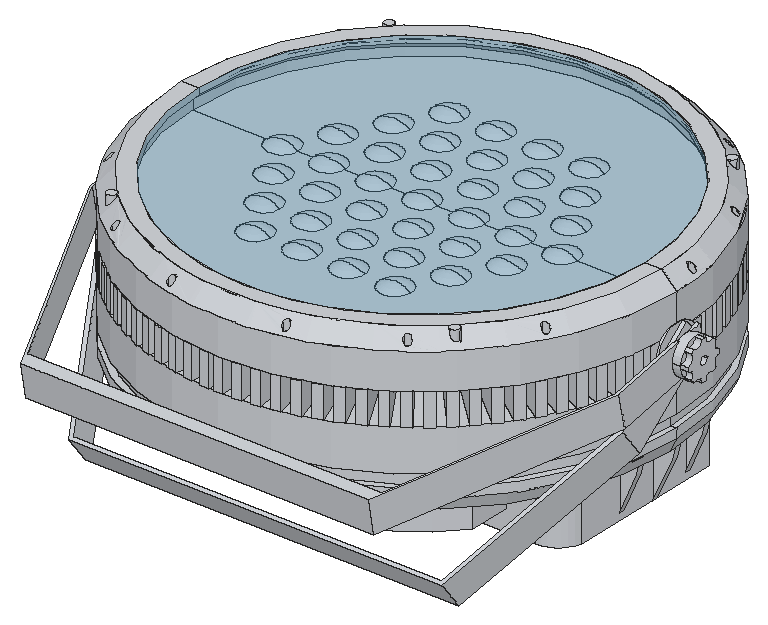
Revit family "WALL WASHER BUILDING RGBW_LV2610QW.10", category Luminarias, Revit 2019
Family settings
  Cota de conector redondo = Diámetro de uso
  Tipo de pieza = Normal
  Se basa en plano de trabajo = Sí
  Siempre vertical = No
  Corte con vacíos al cargar = No
  Origen de luz = Sí
  Compartido = No
  Punto de cálculo de habitación = No
Parameters (values of type "REFL_LV2610QW.10")
  Ángulo de inclinación = 40.00°
  Zone [instance] = ""
  Watt per fixture = 290
  Wattage = 290 W
  built-in parameter 1150107 = 6000 (stored number, unit not read)
  built-in parameter 1150110 = 1 (stored number, unit not read)
  built-in parameter 1150109 = 1 (stored number, unit not read)
  built-in parameter 1150112 = 1 (stored number, unit not read)
  built-in parameter 1150113 = 1 (stored number, unit not read)
  built-in parameter 1114218 = 1 (stored number, unit not read)
  Keynote = ""
  built-in parameter 1150137 = (empty or 0)
  built-in parameter 1150132 = (empty or 0)
  Modelo = "LV2610QW.10"
  Lámpara = "CREE"
  built-in parameter 1150105 = 716.09 (stored number, unit not read)
  built-in parameter 1150102 = (empty or 0)
  built-in parameter 1150106 = 7.1609 (stored number, unit not read)
  Lumens = 8998.7 lm
  Color Filter = 16777215
  built-in parameter 1114217 = 1 (stored number, unit not read)
  built-in parameter 1150139 = (empty or 0)
  Fabricante = "BRILLANT"
  Default Elevation = 0 mm
  built-in parameter 1150104 = 2.8828 (stored number, unit not read)
  Descripción = "LUMINARIA TIPO REFLECTOR DIRIGIBLE, WALL WASHER, CUERPO DE ALUMINIO FUNDIDO A PRESION, 399MM DE DIAMETRO POR 195MM DE PROFUNDO CON UN PESO DE 14.6KG, CUENTA CON 26 LED TIPO CREE TECNOLOGIA RGBW CON UN CONSUMO TOTAL DE 290W, 9000 LUMENES FULL COLOUR, RGBW, IP 66, CABLE H07RN DE 1.5M, APERTURA DE 10 GRADOS POR PROYECTO, ALIMENTADA A 90-277V."
  built-in parameter 1150115 = 1 (stored number, unit not read)
  built-in parameter 1150114 = 1 (stored number, unit not read)
  Comentarios de vataje = "90-277V"
  built-in parameter 1150138 = (empty or 0)
  built-in parameter 1150134 = 5
  Circuit [instance] = ""
  Dimming Lamp Color Temperature Shift = 1
  Archivo de red fotométrica = "LV2610QW_FULL_10.IES"
  built-in parameter 1150133 = 10 (stored number, unit not read)
Reference planes
  plane 1 "Centro (Frontal/Posterior)": y = 0
  plane 2: z = 0
  plane 3 "Centro (Izquierda/Derecha)": x = 0
  plane 4: z = 195
Forms (mm)
  Revolve 1, solid
    sketch origin (0, 0, 0) x (1, 0, 0) y (0, 0, 1)
      loop
        line (175.141, 195) -> (175.141, 189.859) -> (180, 185) -> (180, 177.914) -> (0, 177.914) -> (0, 70) -> (194.5, 70) -> (199.5, 80) -> (199.5, 87.5) -> (194.5, 87.5) -> (194.5, 97.5) -> (199.5, 97.5) -> (199.5, 130) -> (154.5, 130) -> (154.5, 155) -> (199.5, 155) -> (199.5, 183.361) -> (187.861, 195) -> (175.141, 195)
      axis (0, 195) -> (0, 70)
    angle from 0 to 360
  Extrusion 2, solid
    sketch origin (0, 0, 0) x (1, 0, 0) y (0, 1, 0)
      loop
        arc (-3.849, -199.358) -> (-0.226, -199.399) -> (3.398, -199.374) r 200
        line (3.398, -199.374) -> (1.83, -154.458)
        arc (1.83, -154.458) -> (-0.226, -154.464) -> (-2.281, -154.446) r 175
        line (-2.281, -154.446) -> (-3.849, -199.358)
    from 130 to 155
  Extrusion 3, solid
    sketch origin (0, 0, 0) x (0.997554, 0.069902, 0) y (-0.069902, 0.997554, 0)
      loop
        arc (-3.849, -199.358) -> (-0.226, -199.399) -> (3.398, -199.374) r 200
        line (3.398, -199.374) -> (1.83, -154.458)
        arc (1.83, -154.458) -> (-0.226, -154.464) -> (-2.281, -154.446) r 175
        line (-2.281, -154.446) -> (-3.849, -199.358)
    from 130 to 155
  Extrusion 4, solid
    sketch origin (0, 0, 0) x (0.990227, 0.139463, 0) y (-0.139463, 0.990227, 0)
      loop
        arc (-3.849, -199.358) -> (-0.226, -199.399) -> (3.398, -199.374) r 200
        line (3.398, -199.374) -> (1.83, -154.458)
        arc (1.83, -154.458) -> (-0.226, -154.464) -> (-2.281, -154.446) r 175
        line (-2.281, -154.446) -> (-3.849, -199.358)
    from 130 to 155
  Extrusion 5, solid
    sketch origin (0, 0, 0) x (0.978056, 0.208341, 0) y (-0.208341, 0.978056, 0)
      loop
        arc (-3.849, -199.358) -> (-0.226, -199.399) -> (3.398, -199.374) r 200
        line (3.398, -199.374) -> (1.83, -154.458)
        arc (1.83, -154.458) -> (-0.226, -154.464) -> (-2.281, -154.446) r 175
        line (-2.281, -154.446) -> (-3.849, -199.358)
    from 130 to 155
  Extrusion 6, solid
    sketch origin (0, 0, 0) x (0.9611, 0.276199, 0) y (-0.276199, 0.9611, 0)
      loop
        arc (-3.849, -199.358) -> (-0.226, -199.399) -> (3.398, -199.374) r 200
        line (3.398, -199.374) -> (1.83, -154.458)
        arc (1.83, -154.458) -> (-0.226, -154.464) -> (-2.281, -154.446) r 175
        line (-2.281, -154.446) -> (-3.849, -199.358)
    from 130 to 155
  Extrusion 7, solid
    sketch origin (0, 0, 0) x (0.939442, 0.342707, 0) y (-0.342707, 0.939442, 0)
      loop
        arc (-3.849, -199.358) -> (-0.226, -199.399) -> (3.398, -199.374) r 200
        line (3.398, -199.374) -> (1.83, -154.458)
        arc (1.83, -154.458) -> (-0.226, -154.464) -> (-2.281, -154.446) r 175
        line (-2.281, -154.446) -> (-3.849, -199.358)
    from 130 to 155
  Extrusion 8, solid
    sketch origin (0, 0, 0) x (0.913188, 0.407538, 0) y (-0.407538, 0.913188, 0)
      loop
        arc (-3.849, -199.358) -> (-0.226, -199.399) -> (3.398, -199.374) r 200
        line (3.398, -199.374) -> (1.83, -154.458)
        arc (1.83, -154.458) -> (-0.226, -154.464) -> (-2.281, -154.446) r 175
        line (-2.281, -154.446) -> (-3.849, -199.358)
    from 130 to 155
  Extrusion 9, solid
    sketch origin (0, 0, 0) x (0.882467, 0.470375, 0) y (-0.470375, 0.882467, 0)
      loop
        arc (-3.849, -199.358) -> (-0.226, -199.399) -> (3.398, -199.374) r 200
        line (3.398, -199.374) -> (1.83, -154.458)
        arc (1.83, -154.458) -> (-0.226, -154.464) -> (-2.281, -154.446) r 175
        line (-2.281, -154.446) -> (-3.849, -199.358)
    from 130 to 155
  Extrusion 10, solid
    sketch origin (0, 0, 0) x (0.847428, 0.53091, 0) y (-0.53091, 0.847428, 0)
      loop
        arc (-3.849, -199.358) -> (-0.226, -199.399) -> (3.398, -199.374) r 200
        line (3.398, -199.374) -> (1.83, -154.458)
        arc (1.83, -154.458) -> (-0.226, -154.464) -> (-2.281, -154.446) r 175
        line (-2.281, -154.446) -> (-3.849, -199.358)
    from 130 to 155
  Extrusion 11, solid
    sketch origin (0, 0, 0) x (0.808243, 0.588849, 0) y (-0.588849, 0.808243, 0)
      loop
        arc (-3.849, -199.358) -> (-0.226, -199.399) -> (3.398, -199.374) r 200
        line (3.398, -199.374) -> (1.83, -154.458)
        arc (1.83, -154.458) -> (-0.226, -154.464) -> (-2.281, -154.446) r 175
        line (-2.281, -154.446) -> (-3.849, -199.358)
    from 130 to 155
  Extrusion 12, solid
    sketch origin (0, 0, 0) x (0.765104, 0.643906, 0) y (-0.643906, 0.765104, 0)
      loop
        arc (-3.849, -199.358) -> (-0.226, -199.399) -> (3.398, -199.374) r 200
        line (3.398, -199.374) -> (1.83, -154.458)
        arc (1.83, -154.458) -> (-0.226, -154.464) -> (-2.281, -154.446) r 175
        line (-2.281, -154.446) -> (-3.849, -199.358)
    from 130 to 155
  Extrusion 13, solid
    sketch origin (0, 0, 0) x (0.718222, 0.695814, 0) y (-0.695814, 0.718222, 0)
      loop
        arc (-3.849, -199.358) -> (-0.226, -199.399) -> (3.398, -199.374) r 200
        line (3.398, -199.374) -> (1.83, -154.458)
        arc (1.83, -154.458) -> (-0.226, -154.464) -> (-2.281, -154.446) r 175
        line (-2.281, -154.446) -> (-3.849, -199.358)
    from 130 to 155
  Extrusion 14, solid
    sketch origin (0, 0, 0) x (0.667826, 0.744317, 0) y (-0.744317, 0.667826, 0)
      loop
        arc (-3.849, -199.358) -> (-0.226, -199.399) -> (3.398, -199.374) r 200
        line (3.398, -199.374) -> (1.83, -154.458)
        arc (1.83, -154.458) -> (-0.226, -154.464) -> (-2.281, -154.446) r 175
        line (-2.281, -154.446) -> (-3.849, -199.358)
    from 130 to 155
  Extrusion 15, solid
    sketch origin (0, 0, 0) x (0.614163, 0.789179, 0) y (-0.789179, 0.614163, 0)
      loop
        arc (-3.849, -199.358) -> (-0.226, -199.399) -> (3.398, -199.374) r 200
        line (3.398, -199.374) -> (1.83, -154.458)
        arc (1.83, -154.458) -> (-0.226, -154.464) -> (-2.281, -154.446) r 175
        line (-2.281, -154.446) -> (-3.849, -199.358)
    from 130 to 155
  Extrusion 16, solid
    sketch origin (0, 0, 0) x (0.557495, 0.83018, 0) y (-0.83018, 0.557495, 0)
      loop
        arc (-3.849, -199.358) -> (-0.226, -199.399) -> (3.398, -199.374) r 200
        line (3.398, -199.374) -> (1.83, -154.458)
        arc (1.83, -154.458) -> (-0.226, -154.464) -> (-2.281, -154.446) r 175
        line (-2.281, -154.446) -> (-3.849, -199.358)
    from 130 to 155
  Extrusion 17, solid
    sketch origin (0, 0, 0) x (0.4981, 0.867119, 0) y (-0.867119, 0.4981, 0)
      loop
        arc (-3.849, -199.358) -> (-0.226, -199.399) -> (3.398, -199.374) r 200
        line (3.398, -199.374) -> (1.83, -154.458)
        arc (1.83, -154.458) -> (-0.226, -154.464) -> (-2.281, -154.446) r 175
        line (-2.281, -154.446) -> (-3.849, -199.358)
    from 130 to 155
  Extrusion 18, solid
    sketch origin (0, 0, 0) x (0.436268, 0.899817, 0) y (-0.899817, 0.436268, 0)
      loop
        arc (-3.849, -199.358) -> (-0.226, -199.399) -> (3.398, -199.374) r 200
        line (3.398, -199.374) -> (1.83, -154.458)
        arc (1.83, -154.458) -> (-0.226, -154.464) -> (-2.281, -154.446) r 175
        line (-2.281, -154.446) -> (-3.849, -199.358)
    from 130 to 155
  Extrusion 19, solid
    sketch origin (0, 0, 0) x (0.372302, 0.928112, 0) y (-0.928112, 0.372302, 0)
      loop
        arc (-3.849, -199.358) -> (-0.226, -199.399) -> (3.398, -199.374) r 200
        line (3.398, -199.374) -> (1.83, -154.458)
        arc (1.83, -154.458) -> (-0.226, -154.464) -> (-2.281, -154.446) r 175
        line (-2.281, -154.446) -> (-3.849, -199.358)
    from 130 to 155
  Extrusion 20, solid
    sketch origin (0, 0, 0) x (0.306514, 0.951866, 0) y (-0.951866, 0.306514, 0)
      loop
        arc (-3.849, -199.358) -> (-0.226, -199.399) -> (3.398, -199.374) r 200
        line (3.398, -199.374) -> (1.83, -154.458)
        arc (1.83, -154.458) -> (-0.226, -154.464) -> (-2.281, -154.446) r 175
        line (-2.281, -154.446) -> (-3.849, -199.358)
    from 130 to 155
  Extrusion 21, solid
    sketch origin (0, 0, 0) x (0.239227, 0.970964, 0) y (-0.970964, 0.239227, 0)
      loop
        arc (-3.849, -199.358) -> (-0.226, -199.399) -> (3.398, -199.374) r 200
        line (3.398, -199.374) -> (1.83, -154.458)
        arc (1.83, -154.458) -> (-0.226, -154.464) -> (-2.281, -154.446) r 175
        line (-2.281, -154.446) -> (-3.849, -199.358)
    from 130 to 155
  Extrusion 22, solid
    sketch origin (0, 0, 0) x (0.170769, 0.985311, 0) y (-0.985311, 0.170769, 0)
      loop
        arc (-3.849, -199.358) -> (-0.226, -199.399) -> (3.398, -199.374) r 200
        line (3.398, -199.374) -> (1.83, -154.458)
        arc (1.83, -154.458) -> (-0.226, -154.464) -> (-2.281, -154.446) r 175
        line (-2.281, -154.446) -> (-3.849, -199.358)
    from 130 to 155
  Extrusion 23, solid
    sketch origin (0, 0, 0) x (0.101476, 0.994838, 0) y (-0.994838, 0.101476, 0)
      loop
        arc (-3.849, -199.358) -> (-0.226, -199.399) -> (3.398, -199.374) r 200
        line (3.398, -199.374) -> (1.83, -154.458)
        arc (1.83, -154.458) -> (-0.226, -154.464) -> (-2.281, -154.446) r 175
        line (-2.281, -154.446) -> (-3.849, -199.358)
    from 130 to 155
  Extrusion 24, solid
    sketch origin (0, 0, 0) x (0.031686, 0.999498, 0) y (-0.999498, 0.031686, 0)
      loop
        arc (-3.849, -199.358) -> (-0.226, -199.399) -> (3.398, -199.374) r 200
        line (3.398, -199.374) -> (1.83, -154.458)
        arc (1.83, -154.458) -> (-0.226, -154.464) -> (-2.281, -154.446) r 175
        line (-2.281, -154.446) -> (-3.849, -199.358)
    from 130 to 155
  Extrusion 25, solid
    sketch origin (0, 0, 0) x (-0.038259, 0.999268, 0) y (-0.999268, -0.038259, 0)
      loop
        arc (-3.849, -199.358) -> (-0.226, -199.399) -> (3.398, -199.374) r 200
        line (3.398, -199.374) -> (1.83, -154.458)
        arc (1.83, -154.458) -> (-0.226, -154.464) -> (-2.281, -154.446) r 175
        line (-2.281, -154.446) -> (-3.849, -199.358)
    from 130 to 155
  Extrusion 26, solid
    sketch origin (0, 0, 0) x (-0.108016, 0.994149, 0) y (-0.994149, -0.108016, 0)
      loop
        arc (-3.849, -199.358) -> (-0.226, -199.399) -> (3.398, -199.374) r 200
        line (3.398, -199.374) -> (1.83, -154.458)
        arc (1.83, -154.458) -> (-0.226, -154.464) -> (-2.281, -154.446) r 175
        line (-2.281, -154.446) -> (-3.849, -199.358)
    from 130 to 155
  Extrusion 27, solid
    sketch origin (0, 0, 0) x (-0.177245, 0.984167, 0) y (-0.984167, -0.177245, 0)
      loop
        arc (-3.849, -199.358) -> (-0.226, -199.399) -> (3.398, -199.374) r 200
        line (3.398, -199.374) -> (1.83, -154.458)
        arc (1.83, -154.458) -> (-0.226, -154.464) -> (-2.281, -154.446) r 175
        line (-2.281, -154.446) -> (-3.849, -199.358)
    from 130 to 155
  Extrusion 28, solid
    sketch origin (0, 0, 0) x (-0.245607, 0.969369, 0) y (-0.969369, -0.245607, 0)
      loop
        arc (-3.849, -199.358) -> (-0.226, -199.399) -> (3.398, -199.374) r 200
        line (3.398, -199.374) -> (1.83, -154.458)
        arc (1.83, -154.458) -> (-0.226, -154.464) -> (-2.281, -154.446) r 175
        line (-2.281, -154.446) -> (-3.849, -199.358)
    from 130 to 155
  Extrusion 29, solid
    sketch origin (0, 0, 0) x (-0.312767, 0.94983, 0) y (-0.94983, -0.312767, 0)
      loop
        arc (-3.849, -199.358) -> (-0.226, -199.399) -> (3.398, -199.374) r 200
        line (3.398, -199.374) -> (1.83, -154.458)
        arc (1.83, -154.458) -> (-0.226, -154.464) -> (-2.281, -154.446) r 175
        line (-2.281, -154.446) -> (-3.849, -199.358)
    from 130 to 155
  Extrusion 30, solid
    sketch origin (0, 0, 0) x (-0.378398, 0.925643, 0) y (-0.925643, -0.378398, 0)
      loop
        arc (-3.849, -199.358) -> (-0.226, -199.399) -> (3.398, -199.374) r 200
        line (3.398, -199.374) -> (1.83, -154.458)
        arc (1.83, -154.458) -> (-0.226, -154.464) -> (-2.281, -154.446) r 175
        line (-2.281, -154.446) -> (-3.849, -199.358)
    from 130 to 155
  Extrusion 31, solid
    sketch origin (0, 0, 0) x (-0.442176, 0.896928, 0) y (-0.896928, -0.442176, 0)
      loop
        arc (-3.849, -199.358) -> (-0.226, -199.399) -> (3.398, -199.374) r 200
        line (3.398, -199.374) -> (1.83, -154.458)
        arc (1.83, -154.458) -> (-0.226, -154.464) -> (-2.281, -154.446) r 175
        line (-2.281, -154.446) -> (-3.849, -199.358)
    from 130 to 155
  Extrusion 32, solid
    sketch origin (0, 0, 0) x (-0.503792, 0.863825, 0) y (-0.863825, -0.503792, 0)
      loop
        arc (-3.849, -199.358) -> (-0.226, -199.399) -> (3.398, -199.374) r 200
        line (3.398, -199.374) -> (1.83, -154.458)
        arc (1.83, -154.458) -> (-0.226, -154.464) -> (-2.281, -154.446) r 175
        line (-2.281, -154.446) -> (-3.849, -199.358)
    from 130 to 155
  Extrusion 33, solid
    sketch origin (0, 0, 0) x (-0.562943, 0.826496, 0) y (-0.826496, -0.562943, 0)
      loop
        arc (-3.849, -199.358) -> (-0.226, -199.399) -> (3.398, -199.374) r 200
        line (3.398, -199.374) -> (1.83, -154.458)
        arc (1.83, -154.458) -> (-0.226, -154.464) -> (-2.281, -154.446) r 175
        line (-2.281, -154.446) -> (-3.849, -199.358)
    from 130 to 155
  Extrusion 34, solid
    sketch origin (0, 0, 0) x (-0.61934, 0.785123, 0) y (-0.785123, -0.61934, 0)
      loop
        arc (-3.849, -199.358) -> (-0.226, -199.399) -> (3.398, -199.374) r 200
        line (3.398, -199.374) -> (1.83, -154.458)
        arc (1.83, -154.458) -> (-0.226, -154.464) -> (-2.281, -154.446) r 175
        line (-2.281, -154.446) -> (-3.849, -199.358)
    from 130 to 155
  Extrusion 35, solid
    sketch origin (0, 0, 0) x (-0.672707, 0.739909, 0) y (-0.739909, -0.672707, 0)
      loop
        arc (-3.849, -199.358) -> (-0.226, -199.399) -> (3.398, -199.374) r 200
        line (3.398, -199.374) -> (1.83, -154.458)
        arc (1.83, -154.458) -> (-0.226, -154.464) -> (-2.281, -154.446) r 175
        line (-2.281, -154.446) -> (-3.849, -199.358)
    from 130 to 155
  Extrusion 36, solid
    sketch origin (0, 0, 0) x (-0.722783, 0.691075, 0) y (-0.691075, -0.722783, 0)
      loop
        arc (-3.849, -199.358) -> (-0.226, -199.399) -> (3.398, -199.374) r 200
        line (3.398, -199.374) -> (1.83, -154.458)
        arc (1.83, -154.458) -> (-0.226, -154.464) -> (-2.281, -154.446) r 175
        line (-2.281, -154.446) -> (-3.849, -199.358)
    from 130 to 155
  Extrusion 37, solid
    sketch origin (0, 0, 0) x (-0.769322, 0.638861, 0) y (-0.638861, -0.769322, 0)
      loop
        arc (-3.849, -199.358) -> (-0.226, -199.399) -> (3.398, -199.374) r 200
        line (3.398, -199.374) -> (1.83, -154.458)
        arc (1.83, -154.458) -> (-0.226, -154.464) -> (-2.281, -154.446) r 175
        line (-2.281, -154.446) -> (-3.849, -199.358)
    from 130 to 155
  Extrusion 38, solid
    sketch origin (0, 0, 0) x (-0.812098, 0.583521, 0) y (-0.583521, -0.812098, 0)
      loop
        arc (-3.849, -199.358) -> (-0.226, -199.399) -> (3.398, -199.374) r 200
        line (3.398, -199.374) -> (1.83, -154.458)
        arc (1.83, -154.458) -> (-0.226, -154.464) -> (-2.281, -154.446) r 175
        line (-2.281, -154.446) -> (-3.849, -199.358)
    from 130 to 155
  Extrusion 39, solid
    sketch origin (0, 0, 0) x (-0.850901, 0.525326, 0) y (-0.525326, -0.850901, 0)
      loop
        arc (-3.849, -199.358) -> (-0.226, -199.399) -> (3.398, -199.374) r 200
        line (3.398, -199.374) -> (1.83, -154.458)
        arc (1.83, -154.458) -> (-0.226, -154.464) -> (-2.281, -154.446) r 175
        line (-2.281, -154.446) -> (-3.849, -199.358)
    from 130 to 155
  Extrusion 40, solid
    sketch origin (0, 0, 0) x (-0.885541, 0.464561, 0) y (-0.464561, -0.885541, 0)
      loop
        arc (-3.849, -199.358) -> (-0.226, -199.399) -> (3.398, -199.374) r 200
        line (3.398, -199.374) -> (1.83, -154.458)
        arc (1.83, -154.458) -> (-0.226, -154.464) -> (-2.281, -154.446) r 175
        line (-2.281, -154.446) -> (-3.849, -199.358)
    from 130 to 155
  Extrusion 41, solid
    sketch origin (0, 0, 0) x (-0.915849, 0.401523, 0) y (-0.401523, -0.915849, 0)
      loop
        arc (-3.849, -199.358) -> (-0.226, -199.399) -> (3.398, -199.374) r 200
        line (3.398, -199.374) -> (1.83, -154.458)
        arc (1.83, -154.458) -> (-0.226, -154.464) -> (-2.281, -154.446) r 175
        line (-2.281, -154.446) -> (-3.849, -199.358)
    from 130 to 155
  Extrusion 42, solid
    sketch origin (0, 0, 0) x (-0.941676, 0.336521, 0) y (-0.336521, -0.941676, 0)
      loop
        arc (-3.849, -199.358) -> (-0.226, -199.399) -> (3.398, -199.374) r 200
        line (3.398, -199.374) -> (1.83, -154.458)
        arc (1.83, -154.458) -> (-0.226, -154.464) -> (-2.281, -154.446) r 175
        line (-2.281, -154.446) -> (-3.849, -199.358)
    from 130 to 155
  Extrusion 43, solid
    sketch origin (0, 0, 0) x (-0.962896, 0.269873, 0) y (-0.269873, -0.962896, 0)
      loop
        arc (-3.849, -199.358) -> (-0.226, -199.399) -> (3.398, -199.374) r 200
        line (3.398, -199.374) -> (1.83, -154.458)
        arc (1.83, -154.458) -> (-0.226, -154.464) -> (-2.281, -154.446) r 175
        line (-2.281, -154.446) -> (-3.849, -199.358)
    from 130 to 155
  Extrusion 44, solid
    sketch origin (0, 0, 0) x (-0.979405, 0.201904, 0) y (-0.201904, -0.979405, 0)
      loop
        arc (-3.849, -199.358) -> (-0.226, -199.399) -> (3.398, -199.374) r 200
        line (3.398, -199.374) -> (1.83, -154.458)
        arc (1.83, -154.458) -> (-0.226, -154.464) -> (-2.281, -154.446) r 175
        line (-2.281, -154.446) -> (-3.849, -199.358)
    from 130 to 155
  Extrusion 45, solid
    sketch origin (0, 0, 0) x (-0.991123, 0.132947, 0) y (-0.132947, -0.991123, 0)
      loop
        arc (-3.849, -199.358) -> (-0.226, -199.399) -> (3.398, -199.374) r 200
        line (3.398, -199.374) -> (1.83, -154.458)
        arc (1.83, -154.458) -> (-0.226, -154.464) -> (-2.281, -154.446) r 175
        line (-2.281, -154.446) -> (-3.849, -199.358)
    from 130 to 155
  Extrusion 46, solid
    sketch origin (0, 0, 0) x (-0.997992, 0.06334, 0) y (-0.06334, -0.997992, 0)
      loop
        arc (-3.849, -199.358) -> (-0.226, -199.399) -> (3.398, -199.374) r 200
        line (3.398, -199.374) -> (1.83, -154.458)
        arc (1.83, -154.458) -> (-0.226, -154.464) -> (-2.281, -154.446) r 175
        line (-2.281, -154.446) -> (-3.849, -199.358)
    from 130 to 155
  Extrusion 47, solid
    sketch origin (0, 0, 0) x (-0.999978, -0.006576, 0) y (0.006576, -0.999978, 0)
      loop
        arc (-3.849, -199.358) -> (-0.226, -199.399) -> (3.398, -199.374) r 200
        line (3.398, -199.374) -> (1.83, -154.458)
        arc (1.83, -154.458) -> (-0.226, -154.464) -> (-2.281, -154.446) r 175
        line (-2.281, -154.446) -> (-3.849, -199.358)
    from 130 to 155
  Extrusion 48, solid
    sketch origin (0, 0, 0) x (-0.997073, -0.076461, 0) y (0.076461, -0.997073, 0)
      loop
        arc (-3.849, -199.358) -> (-0.226, -199.399) -> (3.398, -199.374) r 200
        line (3.398, -199.374) -> (1.83, -154.458)
        arc (1.83, -154.458) -> (-0.226, -154.464) -> (-2.281, -154.446) r 175
        line (-2.281, -154.446) -> (-3.849, -199.358)
    from 130 to 155
  Extrusion 49, solid
    sketch origin (0, 0, 0) x (-0.989289, -0.145972, 0) y (0.145972, -0.989289, 0)
      loop
        arc (-3.849, -199.358) -> (-0.226, -199.399) -> (3.398, -199.374) r 200
        line (3.398, -199.374) -> (1.83, -154.458)
        arc (1.83, -154.458) -> (-0.226, -154.464) -> (-2.281, -154.446) r 175
        line (-2.281, -154.446) -> (-3.849, -199.358)
    from 130 to 155
  Extrusion 50, solid
    sketch origin (0, 0, 0) x (-0.976665, -0.214768, 0) y (0.214768, -0.976665, 0)
      loop
        arc (-3.849, -199.358) -> (-0.226, -199.399) -> (3.398, -199.374) r 200
        line (3.398, -199.374) -> (1.83, -154.458)
        arc (1.83, -154.458) -> (-0.226, -154.464) -> (-2.281, -154.446) r 175
        line (-2.281, -154.446) -> (-3.849, -199.358)
    from 130 to 155
  Extrusion 51, solid
    sketch origin (0, 0, 0) x (-0.959263, -0.282514, 0) y (0.282514, -0.959263, 0)
      loop
        arc (-3.849, -199.358) -> (-0.226, -199.399) -> (3.398, -199.374) r 200
        line (3.398, -199.374) -> (1.83, -154.458)
        arc (1.83, -154.458) -> (-0.226, -154.464) -> (-2.281, -154.446) r 175
        line (-2.281, -154.446) -> (-3.849, -199.358)
    from 130 to 155
  Extrusion 52, solid
    sketch origin (0, 0, 0) x (-0.937168, -0.348878, 0) y (0.348878, -0.937168, 0)
      loop
        arc (-3.849, -199.358) -> (-0.226, -199.399) -> (3.398, -199.374) r 200
        line (3.398, -199.374) -> (1.83, -154.458)
        arc (1.83, -154.458) -> (-0.226, -154.464) -> (-2.281, -154.446) r 175
        line (-2.281, -154.446) -> (-3.849, -199.358)
    from 130 to 155
  Extrusion 53, solid
    sketch origin (0, 0, 0) x (-0.910489, -0.413534, 0) y (0.413534, -0.910489, 0)
      loop
        arc (-3.849, -199.358) -> (-0.226, -199.399) -> (3.398, -199.374) r 200
        line (3.398, -199.374) -> (1.83, -154.458)
        arc (1.83, -154.458) -> (-0.226, -154.464) -> (-2.281, -154.446) r 175
        line (-2.281, -154.446) -> (-3.849, -199.358)
    from 130 to 155
  Extrusion 54, solid
    sketch origin (0, 0, 0) x (-0.879354, -0.476168, 0) y (0.476168, -0.879354, 0)
      loop
        arc (-3.849, -199.358) -> (-0.226, -199.399) -> (3.398, -199.374) r 200
        line (3.398, -199.374) -> (1.83, -154.458)
        arc (1.83, -154.458) -> (-0.226, -154.464) -> (-2.281, -154.446) r 175
        line (-2.281, -154.446) -> (-3.849, -199.358)
    from 130 to 155
  Extrusion 55, solid
    sketch origin (0, 0, 0) x (-0.843918, -0.536472, 0) y (0.536472, -0.843918, 0)
      loop
        arc (-3.849, -199.358) -> (-0.226, -199.399) -> (3.398, -199.374) r 200
        line (3.398, -199.374) -> (1.83, -154.458)
        arc (1.83, -154.458) -> (-0.226, -154.464) -> (-2.281, -154.446) r 175
        line (-2.281, -154.446) -> (-3.849, -199.358)
    from 130 to 155
  Extrusion 56, solid
    sketch origin (0, 0, 0) x (-0.804353, -0.594152, 0) y (0.594152, -0.804353, 0)
      loop
        arc (-3.849, -199.358) -> (-0.226, -199.399) -> (3.398, -199.374) r 200
        line (3.398, -199.374) -> (1.83, -154.458)
        arc (1.83, -154.458) -> (-0.226, -154.464) -> (-2.281, -154.446) r 175
        line (-2.281, -154.446) -> (-3.849, -199.358)
    from 130 to 155
  Extrusion 57, solid
    sketch origin (0, 0, 0) x (-0.760853, -0.648924, 0) y (0.648924, -0.760853, 0)
      loop
        arc (-3.849, -199.358) -> (-0.226, -199.399) -> (3.398, -199.374) r 200
        line (3.398, -199.374) -> (1.83, -154.458)
        arc (1.83, -154.458) -> (-0.226, -154.464) -> (-2.281, -154.446) r 175
        line (-2.281, -154.446) -> (-3.849, -199.358)
    from 130 to 155
  Extrusion 58, solid
    sketch origin (0, 0, 0) x (-0.713631, -0.700522, 0) y (0.700522, -0.713631, 0)
      loop
        arc (-3.849, -199.358) -> (-0.226, -199.399) -> (3.398, -199.374) r 200
        line (3.398, -199.374) -> (1.83, -154.458)
        arc (1.83, -154.458) -> (-0.226, -154.464) -> (-2.281, -154.446) r 175
        line (-2.281, -154.446) -> (-3.849, -199.358)
    from 130 to 155
  Extrusion 59, solid
    sketch origin (0, 0, 0) x (-0.662917, -0.748693, 0) y (0.748693, -0.662917, 0)
      loop
        arc (-3.849, -199.358) -> (-0.226, -199.399) -> (3.398, -199.374) r 200
        line (3.398, -199.374) -> (1.83, -154.458)
        arc (1.83, -154.458) -> (-0.226, -154.464) -> (-2.281, -154.446) r 175
        line (-2.281, -154.446) -> (-3.849, -199.358)
    from 130 to 155
  Extrusion 60, solid
    sketch origin (0, 0, 0) x (-0.60896, -0.793201, 0) y (0.793201, -0.60896, 0)
      loop
        arc (-3.849, -199.358) -> (-0.226, -199.399) -> (3.398, -199.374) r 200
        line (3.398, -199.374) -> (1.83, -154.458)
        arc (1.83, -154.458) -> (-0.226, -154.464) -> (-2.281, -154.446) r 175
        line (-2.281, -154.446) -> (-3.849, -199.358)
    from 130 to 155
  Extrusion 61, solid
    sketch origin (0, 0, 0) x (-0.552024, -0.833828, 0) y (0.833828, -0.552024, 0)
      loop
        arc (-3.849, -199.358) -> (-0.226, -199.399) -> (3.398, -199.374) r 200
        line (3.398, -199.374) -> (1.83, -154.458)
        arc (1.83, -154.458) -> (-0.226, -154.464) -> (-2.281, -154.446) r 175
        line (-2.281, -154.446) -> (-3.849, -199.358)
    from 130 to 155
  Extrusion 62, solid
    sketch origin (0, 0, 0) x (-0.492387, -0.870376, 0) y (0.870376, -0.492387, 0)
      loop
        arc (-3.849, -199.358) -> (-0.226, -199.399) -> (3.398, -199.374) r 200
        line (3.398, -199.374) -> (1.83, -154.458)
        arc (1.83, -154.458) -> (-0.226, -154.464) -> (-2.281, -154.446) r 175
        line (-2.281, -154.446) -> (-3.849, -199.358)
    from 130 to 155
  Extrusion 63, solid
    sketch origin (0, 0, 0) x (-0.430341, -0.902666, 0) y (0.902666, -0.430341, 0)
      loop
        arc (-3.849, -199.358) -> (-0.226, -199.399) -> (3.398, -199.374) r 200
        line (3.398, -199.374) -> (1.83, -154.458)
        arc (1.83, -154.458) -> (-0.226, -154.464) -> (-2.281, -154.446) r 175
        line (-2.281, -154.446) -> (-3.849, -199.358)
    from 130 to 155
  Extrusion 64, solid
    sketch origin (0, 0, 0) x (-0.36619, -0.93054, 0) y (0.93054, -0.36619, 0)
      loop
        arc (-3.849, -199.358) -> (-0.226, -199.399) -> (3.398, -199.374) r 200
        line (3.398, -199.374) -> (1.83, -154.458)
        arc (1.83, -154.458) -> (-0.226, -154.464) -> (-2.281, -154.446) r 175
        line (-2.281, -154.446) -> (-3.849, -199.358)
    from 130 to 155
  Extrusion 65, solid
    sketch origin (0, 0, 0) x (-0.300247, -0.953861, 0) y (0.953861, -0.300247, 0)
      loop
        arc (-3.849, -199.358) -> (-0.226, -199.399) -> (3.398, -199.374) r 200
        line (3.398, -199.374) -> (1.83, -154.458)
        arc (1.83, -154.458) -> (-0.226, -154.464) -> (-2.281, -154.446) r 175
        line (-2.281, -154.446) -> (-3.849, -199.358)
    from 130 to 155
  Extrusion 66, solid
    sketch origin (0, 0, 0) x (-0.232836, -0.972516, 0) y (0.972516, -0.232836, 0)
      loop
        arc (-3.849, -199.358) -> (-0.226, -199.399) -> (3.398, -199.374) r 200
        line (3.398, -199.374) -> (1.83, -154.458)
        arc (1.83, -154.458) -> (-0.226, -154.464) -> (-2.281, -154.446) r 175
        line (-2.281, -154.446) -> (-3.849, -199.358)
    from 130 to 155
  Extrusion 67, solid
    sketch origin (0, 0, 0) x (-0.164285, -0.986413, 0) y (0.986413, -0.164285, 0)
      loop
        arc (-3.849, -199.358) -> (-0.226, -199.399) -> (3.398, -199.374) r 200
        line (3.398, -199.374) -> (1.83, -154.458)
        arc (1.83, -154.458) -> (-0.226, -154.464) -> (-2.281, -154.446) r 175
        line (-2.281, -154.446) -> (-3.849, -199.358)
    from 130 to 155
  Extrusion 68, solid
    sketch origin (0, 0, 0) x (-0.094931, -0.995484, 0) y (0.995484, -0.094931, 0)
      loop
        arc (-3.849, -199.358) -> (-0.226, -199.399) -> (3.398, -199.374) r 200
        line (3.398, -199.374) -> (1.83, -154.458)
        arc (1.83, -154.458) -> (-0.226, -154.464) -> (-2.281, -154.446) r 175
        line (-2.281, -154.446) -> (-3.849, -199.358)
    from 130 to 155
  Extrusion 69, solid
    sketch origin (0, 0, 0) x (-0.025112, -0.999685, 0) y (0.999685, -0.025112, 0)
      loop
        arc (-3.849, -199.358) -> (-0.226, -199.399) -> (3.398, -199.374) r 200
        line (3.398, -199.374) -> (1.83, -154.458)
        arc (1.83, -154.458) -> (-0.226, -154.464) -> (-2.281, -154.446) r 175
        line (-2.281, -154.446) -> (-3.849, -199.358)
    from 130 to 155
  Extrusion 70, solid
    sketch origin (0, 0, 0) x (0.044829, -0.998995, 0) y (0.998995, 0.044829, 0)
      loop
        arc (-3.849, -199.358) -> (-0.226, -199.399) -> (3.398, -199.374) r 200
        line (3.398, -199.374) -> (1.83, -154.458)
        arc (1.83, -154.458) -> (-0.226, -154.464) -> (-2.281, -154.446) r 175
        line (-2.281, -154.446) -> (-3.849, -199.358)
    from 130 to 155
  Extrusion 71, solid
    sketch origin (0, 0, 0) x (0.114552, -0.993417, 0) y (0.993417, 0.114552, 0)
      loop
        arc (-3.849, -199.358) -> (-0.226, -199.399) -> (3.398, -199.374) r 200
        line (3.398, -199.374) -> (1.83, -154.458)
        arc (1.83, -154.458) -> (-0.226, -154.464) -> (-2.281, -154.446) r 175
        line (-2.281, -154.446) -> (-3.849, -199.358)
    from 130 to 155
  Extrusion 72, solid
    sketch origin (0, 0, 0) x (0.183714, -0.98298, 0) y (0.98298, 0.183714, 0)
      loop
        arc (-3.849, -199.358) -> (-0.226, -199.399) -> (3.398, -199.374) r 200
        line (3.398, -199.374) -> (1.83, -154.458)
        arc (1.83, -154.458) -> (-0.226, -154.464) -> (-2.281, -154.446) r 175
        line (-2.281, -154.446) -> (-3.849, -199.358)
    from 130 to 155
  Extrusion 73, solid
    sketch origin (0, 0, 0) x (0.251977, -0.967733, 0) y (0.967733, 0.251977, 0)
      loop
        arc (-3.849, -199.358) -> (-0.226, -199.399) -> (3.398, -199.374) r 200
        line (3.398, -199.374) -> (1.83, -154.458)
        arc (1.83, -154.458) -> (-0.226, -154.464) -> (-2.281, -154.446) r 175
        line (-2.281, -154.446) -> (-3.849, -199.358)
    from 130 to 155
  Extrusion 74, solid
    sketch origin (0, 0, 0) x (0.319007, -0.947752, 0) y (0.947752, 0.319007, 0)
      loop
        arc (-3.849, -199.358) -> (-0.226, -199.399) -> (3.398, -199.374) r 200
        line (3.398, -199.374) -> (1.83, -154.458)
        arc (1.83, -154.458) -> (-0.226, -154.464) -> (-2.281, -154.446) r 175
        line (-2.281, -154.446) -> (-3.849, -199.358)
    from 130 to 155
  Extrusion 75, solid
    sketch origin (0, 0, 0) x (0.384477, -0.923135, 0) y (0.923135, 0.384477, 0)
      loop
        arc (-3.849, -199.358) -> (-0.226, -199.399) -> (3.398, -199.374) r 200
        line (3.398, -199.374) -> (1.83, -154.458)
        arc (1.83, -154.458) -> (-0.226, -154.464) -> (-2.281, -154.446) r 175
        line (-2.281, -154.446) -> (-3.849, -199.358)
    from 130 to 155
  Extrusion 76, solid
    sketch origin (0, 0, 0) x (0.448066, -0.894001, 0) y (0.894001, 0.448066, 0)
      loop
        arc (-3.849, -199.358) -> (-0.226, -199.399) -> (3.398, -199.374) r 200
        line (3.398, -199.374) -> (1.83, -154.458)
        arc (1.83, -154.458) -> (-0.226, -154.464) -> (-2.281, -154.446) r 175
        line (-2.281, -154.446) -> (-3.849, -199.358)
    from 130 to 155
  Extrusion 77, solid
    sketch origin (0, 0, 0) x (0.509462, -0.860493, 0) y (0.860493, 0.509462, 0)
      loop
        arc (-3.849, -199.358) -> (-0.226, -199.399) -> (3.398, -199.374) r 200
        line (3.398, -199.374) -> (1.83, -154.458)
        arc (1.83, -154.458) -> (-0.226, -154.464) -> (-2.281, -154.446) r 175
        line (-2.281, -154.446) -> (-3.849, -199.358)
    from 130 to 155
  Extrusion 78, solid
    sketch origin (0, 0, 0) x (0.568366, -0.822776, 0) y (0.822776, 0.568366, 0)
      loop
        arc (-3.849, -199.358) -> (-0.226, -199.399) -> (3.398, -199.374) r 200
        line (3.398, -199.374) -> (1.83, -154.458)
        arc (1.83, -154.458) -> (-0.226, -154.464) -> (-2.281, -154.446) r 175
        line (-2.281, -154.446) -> (-3.849, -199.358)
    from 130 to 155
  Extrusion 79, solid
    sketch origin (0, 0, 0) x (0.62449, -0.781033, 0) y (0.781033, 0.62449, 0)
      loop
        arc (-3.849, -199.358) -> (-0.226, -199.399) -> (3.398, -199.374) r 200
        line (3.398, -199.374) -> (1.83, -154.458)
        arc (1.83, -154.458) -> (-0.226, -154.464) -> (-2.281, -154.446) r 175
        line (-2.281, -154.446) -> (-3.849, -199.358)
    from 130 to 155
  Extrusion 80, solid
    sketch origin (0, 0, 0) x (0.677558, -0.735469, 0) y (0.735469, 0.677558, 0)
      loop
        arc (-3.849, -199.358) -> (-0.226, -199.399) -> (3.398, -199.374) r 200
        line (3.398, -199.374) -> (1.83, -154.458)
        arc (1.83, -154.458) -> (-0.226, -154.464) -> (-2.281, -154.446) r 175
        line (-2.281, -154.446) -> (-3.849, -199.358)
    from 130 to 155
  Extrusion 81, solid
    sketch origin (0, 0, 0) x (0.727312, -0.686307, 0) y (0.686307, 0.727312, 0)
      loop
        arc (-3.849, -199.358) -> (-0.226, -199.399) -> (3.398, -199.374) r 200
        line (3.398, -199.374) -> (1.83, -154.458)
        arc (1.83, -154.458) -> (-0.226, -154.464) -> (-2.281, -154.446) r 175
        line (-2.281, -154.446) -> (-3.849, -199.358)
    from 130 to 155
  Extrusion 82, solid
    sketch origin (0, 0, 0) x (0.773507, -0.633788, 0) y (0.633788, 0.773507, 0)
      loop
        arc (-3.849, -199.358) -> (-0.226, -199.399) -> (3.398, -199.374) r 200
        line (3.398, -199.374) -> (1.83, -154.458)
        arc (1.83, -154.458) -> (-0.226, -154.464) -> (-2.281, -154.446) r 175
        line (-2.281, -154.446) -> (-3.849, -199.358)
    from 130 to 155
  Extrusion 83, solid
    sketch origin (0, 0, 0) x (0.815918, -0.578167, 0) y (0.578167, 0.815918, 0)
      loop
        arc (-3.849, -199.358) -> (-0.226, -199.399) -> (3.398, -199.374) r 200
        line (3.398, -199.374) -> (1.83, -154.458)
        arc (1.83, -154.458) -> (-0.226, -154.464) -> (-2.281, -154.446) r 175
        line (-2.281, -154.446) -> (-3.849, -199.358)
    from 130 to 155
  Extrusion 84, solid
    sketch origin (0, 0, 0) x (0.854338, -0.519719, 0) y (0.519719, 0.854338, 0)
      loop
        arc (-3.849, -199.358) -> (-0.226, -199.399) -> (3.398, -199.374) r 200
        line (3.398, -199.374) -> (1.83, -154.458)
        arc (1.83, -154.458) -> (-0.226, -154.464) -> (-2.281, -154.446) r 175
        line (-2.281, -154.446) -> (-3.849, -199.358)
    from 130 to 155
  Extrusion 85, solid
    sketch origin (0, 0, 0) x (0.888577, -0.458727, 0) y (0.458727, 0.888577, 0)
      loop
        arc (-3.849, -199.358) -> (-0.226, -199.399) -> (3.398, -199.374) r 200
        line (3.398, -199.374) -> (1.83, -154.458)
        arc (1.83, -154.458) -> (-0.226, -154.464) -> (-2.281, -154.446) r 175
        line (-2.281, -154.446) -> (-3.849, -199.358)
    from 130 to 155
  Extrusion 86, solid
    sketch origin (0, 0, 0) x (0.91847, -0.395491, 0) y (0.395491, 0.91847, 0)
      loop
        arc (-3.849, -199.358) -> (-0.226, -199.399) -> (3.398, -199.374) r 200
        line (3.398, -199.374) -> (1.83, -154.458)
        arc (1.83, -154.458) -> (-0.226, -154.464) -> (-2.281, -154.446) r 175
        line (-2.281, -154.446) -> (-3.849, -199.358)
    from 130 to 155
  Extrusion 87, solid
    sketch origin (0, 0, 0) x (0.943869, -0.330321, 0) y (0.330321, 0.943869, 0)
      loop
        arc (-3.849, -199.358) -> (-0.226, -199.399) -> (3.398, -199.374) r 200
        line (3.398, -199.374) -> (1.83, -154.458)
        arc (1.83, -154.458) -> (-0.226, -154.464) -> (-2.281, -154.446) r 175
        line (-2.281, -154.446) -> (-3.849, -199.358)
    from 130 to 155
  Extrusion 88, solid
    sketch origin (0, 0, 0) x (0.96465, -0.263534, 0) y (0.263534, 0.96465, 0)
      loop
        arc (-3.849, -199.358) -> (-0.226, -199.399) -> (3.398, -199.374) r 200
        line (3.398, -199.374) -> (1.83, -154.458)
        arc (1.83, -154.458) -> (-0.226, -154.464) -> (-2.281, -154.446) r 175
        line (-2.281, -154.446) -> (-3.849, -199.358)
    from 130 to 155
  Extrusion 89, solid
    sketch origin (0, 0, 0) x (0.980712, -0.195458, 0) y (0.195458, 0.980712, 0)
      loop
        arc (-3.849, -199.358) -> (-0.226, -199.399) -> (3.398, -199.374) r 200
        line (3.398, -199.374) -> (1.83, -154.458)
        arc (1.83, -154.458) -> (-0.226, -154.464) -> (-2.281, -154.446) r 175
        line (-2.281, -154.446) -> (-3.849, -199.358)
    from 130 to 155
  Extrusion 90, solid
    sketch origin (0, 0, 0) x (0.991976, -0.126426, 0) y (0.126426, 0.991976, 0)
      loop
        arc (-3.849, -199.358) -> (-0.226, -199.399) -> (3.398, -199.374) r 200
        line (3.398, -199.374) -> (1.83, -154.458)
        arc (1.83, -154.458) -> (-0.226, -154.464) -> (-2.281, -154.446) r 175
        line (-2.281, -154.446) -> (-3.849, -199.358)
    from 130 to 155
  Extrusion 91, solid
    sketch origin (0, 0, 0) x (0.998387, -0.056776, 0) y (0.056776, 0.998387, 0)
      loop
        arc (-3.849, -199.358) -> (-0.226, -199.399) -> (3.398, -199.374) r 200
        line (3.398, -199.374) -> (1.83, -154.458)
        arc (1.83, -154.458) -> (-0.226, -154.464) -> (-2.281, -154.446) r 175
        line (-2.281, -154.446) -> (-3.849, -199.358)
    from 130 to 155
  Extrusion 92, solid, material "Cristal"
    sketch origin (0, 0, 0) x (1, 0, 0) y (0, 1, 0)
      loop
        circle (0, 0) r 175.141
    from 192.382 to 195
  Extrusion 93, solid
    sketch origin (0, 0, 0) x (1, 0, 0) y (0, 1, 0)
      loop
        arc (-43.337, 170) -> (-101.486, 142.221) -> (-146.826, 96.425) r 187.861
        line (-146.826, 96.425) -> (-146.826, -27.582)
        arc (-146.826, -27.582) -> (-138.977, -40.143) -> (-125, -45.046) r 22.371
        line (-125, -45.046) -> (125, -45.046)
        arc (125, -45.046) -> (138.977, -40.143) -> (146.826, -27.582) r 22.371
        line (146.826, -27.582) -> (146.826, 97.172)
        arc (146.826, 97.172) -> (102.476, 142.216) -> (45.696, 170) r 187.861
        line (45.696, 170) -> (-43.337, 170)
    from 0 to 70
  Extrusion 94, solid
    sketch origin (0, 0, 0) x (1, 0, 0) y (0, 1, 0)
      loop
        arc (-101.288, -77.223) -> (-74.722, -102.268) -> (-42.368, -119.184) r 133.573
        line (-42.368, -119.184) -> (42.368, -119.184)
        arc (42.368, -119.184) -> (74.722, -102.268) -> (101.288, -77.223) r 133.573
        line (101.288, -77.223) -> (101.288, -45.046) -> (-101.288, -45.046) -> (-101.288, -77.223)
    from 16.168 to 70
  Extrusion 95, solid
    sketch origin (0, 0, 0) x (0, 1, 0) y (0, 0, 1)
      loop
        line (194.583, 70) -> (170, 70) -> (170, -0.142)
        arc (170, -0.142) -> (185.724, 33.726) -> (194.583, 70) r 191.691
    from -1.679 to 1.763
  Extrusion 96, solid
    sketch origin (0, 0, 0) x (0, 1, 0) y (0, 0, 1)
      loop
        line (191.399, 70) -> (170, 70) -> (170, 5.481)
        arc (170, 5.481) -> (183.582, 36.784) -> (191.399, 70) r 191.691
    from 30.412 to 34.289
  Extrusion 97, solid
    sketch origin (0, 0, 0) x (0, 1, 0) y (0, 0, -1)
      loop
        arc (191.332, -70) -> (183.537, -36.851) -> (170, -5.603) r 191.691
        line (170, -5.603) -> (170, -70) -> (191.332, -70)
    from 30.412 to 34.289
  Extrusion 98, solid
    sketch origin (23.958, 20.898, 0) x (-0.526901, 0.849927, 0) y (0, 0, -1)
      loop
        arc (189.226, -70) -> (182.127, -38.995) -> (170, -9.591) r 191.691
        line (170, -9.591) -> (170, -70) -> (189.226, -70)
    from 30.412 to 34.289
  Extrusion 99, solid
    sketch origin (20.04, 24.68, 0) x (-0.664209, 0.747547, 0) y (0, 0, -1)
      loop
        arc (189.226, -70) -> (182.127, -38.995) -> (170, -9.591) r 191.691
        line (170, -9.591) -> (170, -70) -> (189.226, -70)
    from 30.412 to 34.289
  Extrusion 100, solid
    sketch origin (-23.958, 20.898, 0) x (0.526901, 0.849927, 0) y (0, 0, 1)
      loop
        line (189.226, 70) -> (170, 70) -> (170, 9.591)
        arc (170, 9.591) -> (182.127, 38.995) -> (189.226, 70) r 191.691
    from 30.412 to 34.289
  Extrusion 101, solid
    sketch origin (-20.04, 24.68, 0) x (0.664209, 0.747547, 0) y (0, 0, 1)
      loop
        line (189.226, 70) -> (170, 70) -> (170, 9.591)
        arc (170, 9.591) -> (182.127, 38.995) -> (189.226, 70) r 191.691
    from 30.412 to 34.289
  Extrusion 102, solid
    sketch origin (-23.174, 44.064, 0) x (1, 0, 0) y (0, 0, 1)
      loop
        line (194.583, 70) -> (170, 70) -> (170, -0.142)
        arc (170, -0.142) -> (185.724, 33.726) -> (194.583, 70) r 191.691
    from -1.679 to 1.763
  Extrusion 103, solid
    sketch origin (-23.174, 44.064, 0) x (1, 0, 0) y (0, 0, 1)
      loop
        line (191.399, 70) -> (170, 70) -> (170, 5.481)
        arc (170, 5.481) -> (183.582, 36.784) -> (191.399, 70) r 191.691
    from 30.412 to 34.289
  Extrusion 104, solid
    sketch origin (-23.174, 44.064, 0) x (1, 0, 0) y (0, 0, -1)
      loop
        arc (191.332, -70) -> (183.537, -36.851) -> (170, -5.603) r 191.691
        line (170, -5.603) -> (170, -70) -> (191.332, -70)
    from 30.412 to 34.289
  Extrusion 105, solid
    sketch origin (23.174, 44.064, 0) x (-1, 0, 0) y (0, 0, -1)
      loop
        arc (194.583, -70) -> (185.724, -33.726) -> (170, 0.142) r 191.691
        line (170, 0.142) -> (170, -70) -> (194.583, -70)
    from -1.679 to 1.763
  Extrusion 106, solid
    sketch origin (23.174, 44.064, 0) x (-1, 0, 0) y (0, 0, -1)
      loop
        arc (191.399, -70) -> (183.582, -36.784) -> (170, -5.481) r 191.691
        line (170, -5.481) -> (170, -70) -> (191.399, -70)
    from 30.412 to 34.289
  Extrusion 107, solid
    sketch origin (23.174, 44.064, 0) x (-1, 0, 0) y (0, 0, 1)
      loop
        line (191.332, 70) -> (170, 70) -> (170, 5.603)
        arc (170, 5.603) -> (183.537, 36.851) -> (191.332, 70) r 191.691
    from 30.412 to 34.289
  Extrusion 108, solid
    sketch origin (0, 0, 0) x (1, 0, 0) y (0, 1, 0)
      loop
        circle (-157.99, 86.251) r 3.688
      loop
        line (-159.185, 88.321) -> (-160.38, 86.251) -> (-159.185, 84.181) -> (-156.794, 84.181) -> (-155.599, 86.251) -> (-156.794, 88.321) -> (-159.185, 88.321)
      loop
        circle (-41.311, 175.195) r 3.688
      loop
        line (-42.506, 177.265) -> (-43.701, 175.195) -> (-42.506, 173.125) -> (-40.116, 173.125) -> (-38.921, 175.195) -> (-40.116, 177.265) -> (-42.506, 177.265)
      loop
        circle (-157.99, 20.635) r 3.688
      loop
        line (-159.185, 22.705) -> (-160.38, 20.635) -> (-159.185, 18.565) -> (-156.794, 18.565) -> (-155.599, 20.635) -> (-156.794, 22.705) -> (-159.185, 22.705)
      loop
        circle (-107.4, 144.448) r 3.688
      loop
        line (-108.595, 146.518) -> (-109.79, 144.448) -> (-108.595, 142.378) -> (-106.205, 142.378) -> (-105.01, 144.448) -> (-106.205, 146.518) -> (-108.595, 146.518)
      loop
        circle (157.99, 86.251) r 3.688
      loop
        line (159.185, 88.321) -> (156.794, 88.321) -> (155.599, 86.251) -> (156.794, 84.181) -> (159.185, 84.181) -> (160.38, 86.251) -> (159.185, 88.321)
      loop
        circle (41.311, 175.195) r 3.688
      loop
        line (42.506, 177.265) -> (40.116, 177.265) -> (38.921, 175.195) -> (40.116, 173.125) -> (42.506, 173.125) -> (43.701, 175.195) -> (42.506, 177.265)
      loop
        circle (157.99, 20.635) r 3.688
      loop
        line (159.185, 22.705) -> (156.794, 22.705) -> (155.599, 20.635) -> (156.794, 18.565) -> (159.185, 18.565) -> (160.38, 20.635) -> (159.185, 22.705)
      loop
        circle (107.4, 144.448) r 3.688
      loop
        line (108.595, 146.518) -> (106.205, 146.518) -> (105.01, 144.448) -> (106.205, 142.378) -> (108.595, 142.378) -> (109.79, 144.448) -> (108.595, 146.518)
    from 67.692 to 70
  Extrusion 109, solid
    sketch origin (0, 0, 0) x (0, 1, 0) y (0, 0, 1)
      loop
        arc (-105.046, 16.168) -> (-75.556, 6.194) -> (-45.046, 0) r 247.577
        line (-45.046, 0) -> (-45.046, 16.168) -> (-105.046, 16.168)
    from -1.679 to 1.763
  Extrusion 110, solid
    sketch origin (0, -12.5, 0) x (1, 0, 0) y (0, 1, 0)
      loop
        circle (-14.143, -64.196) r 5
    from 8.725 to 13.111
  Extrusion 111, solid
    sketch origin (0, -12.5, 0) x (1, 0, 0) y (0, 1, 0)
      loop
        line (-20.301, -60.64) -> (-20.301, -67.752) -> (-14.143, -71.307) -> (-7.984, -67.752) -> (-7.984, -60.64) -> (-14.143, -57.084) -> (-20.301, -60.64)
    from 13.111 to 16.168
  Extrusion 112, solid
    sketch origin (0, -12.5, 0) x (-1, 0, 0) y (0, -1, 0)
      loop
        circle (-14.143, 64.196) r 5
    from 8.725 to 13.111
  Extrusion 113, solid
    sketch origin (0, -12.5, 0) x (-1, 0, 0) y (0, -1, 0)
      loop
        line (-20.301, 60.64) -> (-14.143, 57.084) -> (-7.984, 60.64) -> (-7.984, 67.752) -> (-14.143, 71.307) -> (-20.301, 67.752) -> (-20.301, 60.64)
    from 13.111 to 16.168
  Extrusion 114, solid
    sketch origin (0, 0, 0) x (1, 0, 0) y (0, 1, 0)
      loop
        circle (-51.643, -76.696) r 10
    from 8.725 to 13.111
  Extrusion 115, solid
    sketch origin (0, 0, 0) x (1, 0, 0) y (0, 1, 0)
      loop
        line (-36.643, -68.036) -> (-51.643, -59.375) -> (-66.643, -68.036) -> (-66.643, -85.356) -> (-51.643, -94.016) -> (-36.643, -85.356) -> (-36.643, -68.036)
    from 13.111 to 16.168
  Extrusion 116, solid
    sketch origin (0, 0, 0) x (-1, 0, 0) y (0, -1, 0)
      loop
        circle (-51.643, 76.696) r 10
    from 8.725 to 13.111
  Extrusion 117, solid
    sketch origin (0, 0, 0) x (-1, 0, 0) y (0, -1, 0)
      loop
        line (-36.643, 68.036) -> (-36.643, 85.356) -> (-51.643, 94.016) -> (-66.643, 85.356) -> (-66.643, 68.036) -> (-51.643, 59.375) -> (-36.643, 68.036)
    from 13.111 to 16.168
  Extrusion 118, void
    sketch origin (0, 0, 0) x (1, 0, 0) y (0, 1, 0)
      loop
        arc (-37.5, 124.585) -> (-41.036, 123.121) -> (-42.5, 119.585) r 5
        line (-42.5, 119.585) -> (-42.5, 94.585)
        arc (-42.5, 94.585) -> (-41.036, 91.05) -> (-37.5, 89.585) r 5
        line (-37.5, 89.585) -> (37.5, 89.585)
        arc (37.5, 89.585) -> (41.036, 91.05) -> (42.5, 94.585) r 5
        line (42.5, 94.585) -> (42.5, 119.585)
        arc (42.5, 119.585) -> (41.036, 123.121) -> (37.5, 124.585) r 5
        line (37.5, 124.585) -> (-37.5, 124.585)
    from 0 to 3.513
  Extrusion 119, void
    sketch origin (0, 0, 0) x (1, 0, 0) y (0, 1, 0)
      loop
        line (-23.491, 119.586) -> (-23.491, 109.586) -> (23.491, 109.586) -> (23.491, 119.586) -> (-23.491, 119.586)
    from 3.513 to 4.476
  Revolve 120, solid
    sketch origin (-11.983, 0, 0) x (0, 1, 0) y (0, 0, 1)
      loop
        line (103.203, 3.513) -> (98.894, 3.513) -> (98.894, 1.633)
        arc (98.894, 1.633) -> (101.245, 2.123) -> (103.203, 3.513) r 5.876
      axis (98.894, 3.513) -> (98.894, 1.633)
    angle from 0 to 360
  Revolve 121, solid
    sketch origin (-27.5, 0, 0) x (0, 1, 0) y (0, 0, 1)
      loop
        line (103.203, 3.513) -> (98.894, 3.513) -> (98.894, 1.633)
        arc (98.894, 1.633) -> (101.245, 2.123) -> (103.203, 3.513) r 5.876
      axis (98.894, 3.513) -> (98.894, 1.633)
    angle from 0 to 360
  Revolve 122, solid
    sketch origin (11.983, 0, 0) x (0, 1, 0) y (0, 0, -1)
      loop
        arc (103.203, -3.513) -> (101.245, -2.123) -> (98.894, -1.633) r 5.876
        line (98.894, -1.633) -> (98.894, -3.513) -> (103.203, -3.513)
      axis (98.894, -3.513) -> (98.894, -1.633)
    angle from 0 to 360
  Revolve 123, solid
    sketch origin (27.5, 0, 0) x (0, 1, 0) y (0, 0, -1)
      loop
        arc (103.203, -3.513) -> (101.245, -2.123) -> (98.894, -1.633) r 5.876
        line (98.894, -1.633) -> (98.894, -3.513) -> (103.203, -3.513)
      axis (98.894, -3.513) -> (98.894, -1.633)
    angle from 0 to 360
  Extrusion 124, void
    sketch origin (0, 0, 0) x (1, 0, 0) y (0, 1, 0)
      loop
        circle (-44.918, 189.242) r 3
      loop
        circle (-114.35, 157.335) r 3
      loop
        circle (-170.854, 92.947) r 3
      loop
        circle (-193.238, 22.122) r 3
      loop
        circle (-44.918, -189.242) r 3
      loop
        circle (-114.35, -157.335) r 3
      loop
        circle (-170.854, -92.947) r 3
      loop
        circle (44.918, 189.242) r 3
      loop
        circle (114.35, 157.335) r 3
      loop
        circle (170.854, 92.947) r 3
      loop
        circle (193.238, 22.122) r 3
      loop
        circle (44.918, -189.242) r 3
      loop
        circle (114.35, -157.335) r 3
      loop
        circle (170.854, -92.947) r 3
    from 183.361 to 195
  Extrusion 125, solid
    sketch origin (-1.831, 3.113, 0) x (1, 0, 0) y (0, 1, 0)
      loop
        circle (-132.588, 132.634) r 3.688
      loop
        circle (136.25, 132.634) r 3.688
      loop
        circle (-132.588, -138.86) r 3.688
      loop
        circle (136.25, -138.86) r 3.688
    from 185 to 195
  Revolve 126, solid
    sketch origin (-48.288, 94.884, -108.199) x (-1, 0, 0) y (0, 0, 1)
      loop
        arc (-30.028, 289.911) -> (-36.507, 288.887) -> (-42.45, 286.113) r 23.5
        line (-42.45, 286.113) -> (-30.028, 286.113) -> (-30.028, 289.911)
      axis (-30.028, 286.113) -> (-30.028, 289.911)
    angle from 0 to 360
  Extrusion 127, solid
    sketch origin (0, -1.61, 0) x (0, 1, 0) y (0, 0, 1)
      loop
        circle (1.61, 142.5) r 20
    from 198.184 to 200.696
  Extrusion 128, solid
    sketch origin (0, 0, 0) x (0, 1, 0) y (0, 0, 1)
      loop
        circle (0, 142.5) r 15
    from 207.368 to 214.676
  Extrusion 129, solid
    sketch origin (0, 0, -78.938) x (0, 1, 0) y (0, 0, -1)
      loop
        arc (14.911, -219.803) -> (10.77, -216.977) -> (11.7, -212.051) r 4.579
        arc (11.7, -212.051) -> (10.607, -210.832) -> (9.387, -209.739) r 15
        arc (9.387, -209.739) -> (4.461, -210.669) -> (1.635, -206.528) r 4.579
        arc (1.635, -206.528) -> (0, -206.438) -> (-1.635, -206.528) r 15
        arc (-1.635, -206.528) -> (-4.461, -210.669) -> (-9.387, -209.739) r 4.579
        arc (-9.387, -209.739) -> (-10.607, -210.832) -> (-11.7, -212.051) r 15
        arc (-11.7, -212.051) -> (-10.77, -216.977) -> (-14.911, -219.803) r 4.579
        arc (-14.911, -219.803) -> (-15, -221.438) -> (-14.911, -223.073) r 15
        arc (-14.911, -223.073) -> (-10.77, -225.899) -> (-11.7, -230.825) r 4.579
        arc (-11.7, -230.825) -> (-10.607, -232.045) -> (-9.387, -233.138) r 15
        arc (-9.387, -233.138) -> (-4.461, -232.208) -> (-1.635, -236.349) r 4.579
        arc (-1.635, -236.349) -> (0, -236.438) -> (1.635, -236.349) r 15
        arc (1.635, -236.349) -> (4.461, -232.208) -> (9.387, -233.138) r 4.579
        arc (9.387, -233.138) -> (10.607, -232.045) -> (11.7, -230.825) r 15
        arc (11.7, -230.825) -> (10.77, -225.899) -> (14.911, -223.073) r 4.579
        arc (14.911, -223.073) -> (15, -221.438) -> (14.911, -219.803) r 15
      loop
        circle (0, -221.438) r 3.632
    from -220.417 to -214.676
  Extrusion 130, solid
    sketch origin (0, -139.882, 115.31) x (1, 0, 0) y (0, 0.981627, 0.190809)
      loop
        line (207.368, 157.5) -> (205.081, 157.5) -> (205.081, 77.129) -> (138.666, -72.042) -> (-138.666, -72.042) -> (-205.081, 77.129) -> (-205.081, 157.5) -> (-207.368, 157.5) -> (-207.368, 77.349) -> (-136.504, -81.815) -> (136.504, -81.815) -> (207.368, 77.349) -> (207.368, 157.5)
    from -13.652 to 13.346
  Extrusion 131, solid
    sketch origin (0, -111.907, 54.002) x (1, 0, 0) y (0, 0.782833, 0.622231)
      loop
        line (205.081, 157.5) -> (200.696, 157.5) -> (200.696, 75.496) -> (143.834, -52.219) -> (-143.834, -52.219) -> (-200.696, 75.496) -> (-200.696, 157.5) -> (-205.081, 157.5) -> (-205.081, 77.129) -> (-146.019, -55.526) -> (146.019, -55.526) -> (205.081, 77.129) -> (205.081, 157.5)
    from -13.652 to 13.346
  Extrusion 132, solid
    sketch origin (0, 0, 0) x (0, 1, 0) y (0, 0, -1)
      loop
        circle (0, -142.5) r 15
    from 207.368 to 214.676
  Extrusion 133, solid
    sketch origin (0, 0, -78.938) x (0, 1, 0) y (0, 0, 1)
      loop
        arc (14.911, 219.803) -> (15, 221.438) -> (14.911, 223.073) r 15
        arc (14.911, 223.073) -> (10.77, 225.899) -> (11.7, 230.825) r 4.579
        arc (11.7, 230.825) -> (10.607, 232.045) -> (9.387, 233.138) r 15
        arc (9.387, 233.138) -> (4.461, 232.208) -> (1.635, 236.349) r 4.579
        arc (1.635, 236.349) -> (0, 236.438) -> (-1.635, 236.349) r 15
        arc (-1.635, 236.349) -> (-4.461, 232.208) -> (-9.387, 233.138) r 4.579
        arc (-9.387, 233.138) -> (-10.607, 232.045) -> (-11.7, 230.825) r 15
        arc (-11.7, 230.825) -> (-10.77, 225.899) -> (-14.911, 223.073) r 4.579
        arc (-14.911, 223.073) -> (-15, 221.438) -> (-14.911, 219.803) r 15
        arc (-14.911, 219.803) -> (-10.77, 216.977) -> (-11.7, 212.051) r 4.579
        arc (-11.7, 212.051) -> (-10.607, 210.832) -> (-9.387, 209.739) r 15
        arc (-9.387, 209.739) -> (-4.461, 210.669) -> (-1.635, 206.528) r 4.579
        arc (-1.635, 206.528) -> (0, 206.438) -> (1.635, 206.528) r 15
        arc (1.635, 206.528) -> (4.461, 210.669) -> (9.387, 209.739) r 4.579
        arc (9.387, 209.739) -> (10.607, 210.832) -> (11.7, 212.051) r 15
        arc (11.7, 212.051) -> (10.77, 216.977) -> (14.911, 219.803) r 4.579
      loop
        circle (0, 221.438) r 3.632
    from -220.417 to -214.676
  Revolve 134, solid
    sketch origin (48.288, 94.884, -108.199) x (1, 0, 0) y (0, 0, 1)
      loop
        arc (-30.028, 289.911) -> (-36.507, 288.887) -> (-42.45, 286.113) r 23.5
        line (-42.45, 286.113) -> (-30.028, 286.113) -> (-30.028, 289.911)
      axis (-30.028, 286.113) -> (-30.028, 289.911)
    angle from 0 to 360
  Revolve 135, solid
    sketch origin (-66.548, 63.256, -108.199) x (-1, 0, 0) y (0, 0, 1)
      loop
        arc (-30.028, 289.911) -> (-36.507, 288.887) -> (-42.45, 286.113) r 23.5
        line (-42.45, 286.113) -> (-30.028, 286.113) -> (-30.028, 289.911)
      axis (-30.028, 286.113) -> (-30.028, 289.911)
    angle from 0 to 360
  Revolve 136, solid
    sketch origin (30.028, 63.256, -108.199) x (1, 0, 0) y (0, 0, 1)
      loop
        arc (-30.028, 289.911) -> (-36.507, 288.887) -> (-42.45, 286.113) r 23.5
        line (-42.45, 286.113) -> (-30.028, 286.113) -> (-30.028, 289.911)
      axis (-30.028, 286.113) -> (-30.028, 289.911)
    angle from 0 to 360
  Revolve 137, solid
    sketch origin (-103.069, 63.256, -108.199) x (-1, 0, 0) y (0, 0, 1)
      loop
        arc (-30.028, 289.911) -> (-36.507, 288.887) -> (-42.45, 286.113) r 23.5
        line (-42.45, 286.113) -> (-30.028, 286.113) -> (-30.028, 289.911)
      axis (-30.028, 286.113) -> (-30.028, 289.911)
    angle from 0 to 360
  Revolve 138, solid
    sketch origin (66.548, 63.256, -108.199) x (1, 0, 0) y (0, 0, 1)
      loop
        arc (-30.028, 289.911) -> (-36.507, 288.887) -> (-42.45, 286.113) r 23.5
        line (-42.45, 286.113) -> (-30.028, 286.113) -> (-30.028, 289.911)
      axis (-30.028, 286.113) -> (-30.028, 289.911)
    angle from 0 to 360
